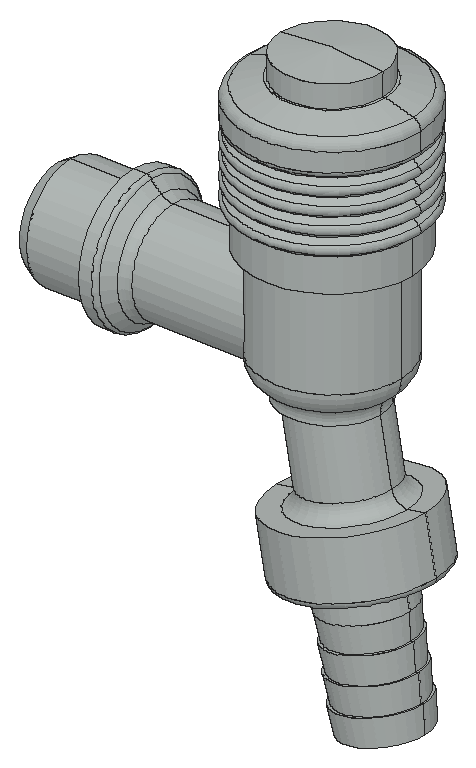
Revit family "QL20422102", category Apparecchi idraulici, Revit 2020
Family settings
  Quota connettore circolare = Usa diametro
  Tipo di parte = Normale
  Numero OmniClass = 23.45.00.00
  Titolo OmniClass = Sanitary, Laundry, and Cleaning Equipment
  Basato su piano di lavoro = No
  Sempre verticale = Sì
  Taglio con vuoti quando caricato = No
  Condiviso = No
  Punto di calcolo locali = No
Parameters
  URL = "https://web.cimberio.com/index.php/figura/1781?subcategoria_id=121"
  Temperatura di esercizio = "-10÷90°C"
  Prospetto di default = 0 mm
  Produttore = "CIMBERIO SPA"
  Pressione nominale = "PN 10"
  Modello = "Cim 42"
  Materiale = "Prodotto in lega di ottone conforme alla norma EN 12165-CW617N-DW"
  Descrizione = "Realizzato in ottemperanza ai requisiti gestionali della norma EN ISO 9001.\r\nUtilizzato per la regolazione della temperatura degli ambienti e comandare apparecchi degli impianti di riscaldamento e condizionamento."
  DN [instance] = 15 mm
  Commenti sul tipo = "Utilizzato per impianti idrici, applicazioni industriali ed agricole, in generale con ogni fluido non corrosivo.\r\nUtilizzato per impianti idrici, applicazioni industriali ed agricole, in generale con ogni fluido non corrosivo."
Reference planes
  plane 1 "Centro (Fronte/Retro)": y = 0
  plane 2: z = 0
  plane 3 "Centro (Sinistra/Destra)": x = 0
Forms (mm)
  Revolve 1, solid, material "Cim_Lega di ottone"
    sketch origin (0, 0, 0) x (1, 0, 0) y (0, 0, 1)
      loop
        arc (-10, 41.2) -> (-12.601, 40.54) -> (-15.159, 39.73) r 46
        arc (-15.159, 39.73) -> (-16.131, 39) -> (-16.5, 37.842) r 2
        line (-16.5, 37.842) -> (-16.5, 34.412)
        arc (-16.5, 34.412) -> (-16.397, 33.97) -> (-16.109, 33.619) r 1
        line (-16.109, 33.619) -> (-14.989, 32.76) -> (-16.109, 31.9)
        arc (-16.109, 31.9) -> (-16.5, 31.107) -> (-16.109, 30.314) r 1
        line (-16.109, 30.314) -> (-14.989, 29.454) -> (-16.109, 28.595)
        arc (-16.109, 28.595) -> (-16.5, 27.802) -> (-16.109, 27.008) r 1
        line (-16.109, 27.008) -> (-14.989, 26.149) -> (-16.109, 25.289)
        arc (-16.109, 25.289) -> (-16.5, 24.496) -> (-16.109, 23.703) r 1
        line (-16.109, 23.703) -> (-14.989, 22.843) -> (-16.109, 21.984)
        arc (-16.109, 21.984) -> (-16.5, 21.191) -> (-16.109, 20.397) r 1
        line (-16.109, 20.397) -> (-15, 19.547) -> (-15, 13.3) -> (0, 13.3) -> (0, 41.2) -> (-10, 41.2)
      axis (0, 41.2) -> (0, 13.3)
    angle from 0 to 360
  Revolve 2, solid, material "Cim_Lega di ottone"
    sketch origin (0, 0, 0) x (1, 0, 0) y (0, 0, 1)
      loop
        line (0, 41.2) -> (0, 46.249)
        arc (0, 46.249) -> (-4.774, 46.019) -> (-9.5, 45.308) r 47.415
        line (-9.5, 45.308) -> (-9.5, 41.2) -> (0, 41.2)
      axis (0, 46.249) -> (0, 41.2)
    angle from 0 to 360
  Revolve 3, solid, material "Cim_Lega di ottone filetto"
    sketch origin (0, 0, 0) x (1, 0, 0) y (0, 0, 1)
      loop
        line (-48.7, 10.35) -> (-51, 9.022) -> (-51, 7.506) -> (-37, 7.506) -> (-37, 10.35) -> (-48.7, 10.35)
      axis (-51, 0) -> (-37, 0)
    angle from 0 to 360
  Revolve 4, solid, material "Cim_Lega di ottone"
    sketch origin (0, 0, 0) x (1, 0, 0) y (0, 0, 1)
      loop
        line (-37, 7.5) -> (0, 7.5) -> (0, 9.5) -> (-29.757, 9.5)
        arc (-29.757, 9.5) -> (-30.905, 9.728) -> (-31.879, 10.379) r 3
        line (-31.879, 10.379) -> (-33.742, 12.242)
        arc (-33.742, 12.242) -> (-34.098, 12.659) -> (-34.624, 12.815) r 0.966
        line (-34.624, 12.815) -> (-37, 12.815) -> (-37, 7.5)
      axis (0, 0) -> (-37, 0)
    angle from 0 to 360
  Revolve 5, solid, material "Cim_Lega di ottone"
    sketch origin (0, 0, 0) x (1, 0, 0) y (0, 0, 1)
      loop
        line (0, 13.3) -> (0, -12.042) -> (9.118, -12.042)
        arc (9.118, -12.042) -> (9.347, -10.268) -> (10.545, -8.94) r 3
        arc (10.545, -8.94) -> (12.343, -7.113) -> (13, -4.636) r 5
        line (13, -4.636) -> (13, 13.3) -> (0, 13.3)
      axis (0, -12.042) -> (0, 13.3)
    angle from 0 to 360
  Revolve 6, solid, material "Cim_Lega di ottone"
    sketch origin (0, 0, 0) x (1, 0, 0) y (0, 0, 1)
      loop
        line (11.179, -23.731) -> (8.249, -7.114) -> (0.223, -8.529) -> (3.656, -28) -> (13.872, -26.198)
        arc (13.872, -26.198) -> (12.107, -25.421) -> (11.179, -23.731) r 3
      axis (3.656, -28) -> (0.223, -8.529)
    angle from 0 to 360
  Revolve 7, solid, material "Cim_Lega di ottone"
    sketch origin (0, 0, 0) x (1, 0, 0) y (0, 0, 1)
      loop
        arc (18.457, -37.074) -> (19.102, -36.663) -> (19.268, -35.916) r 1
        line (19.268, -35.916) -> (17.443, -25.568) -> (4.025, -27.934) -> (6.024, -39.266) -> (18.457, -37.074)
      axis (5.588, -39.343) -> (3.59, -28.011)
    angle from 0 to 360
  Revolve 8, solid, material "Cim_Lega di ottone"
    sketch origin (0, 0, 0) x (1, 0, 0) y (0, 0, 1)
      loop
        line (14.439, -43.084) -> (13.533, -37.942) -> (5.654, -39.332) -> (7.391, -49.18) -> (14.777, -47.877) -> (14.439, -43.084)
      axis (7.391, -49.18) -> (5.654, -39.332)
    angle from 0 to 360
  Revolve 9, solid, material "Cim_Lega di ottone"
    sketch origin (0, 0, 0) x (1, 0, 0) y (0, 0, 1)
      loop
        line (15.645, -52.801) -> (15.292, -47.786) -> (7.391, -49.18) -> (8.259, -54.104) -> (15.645, -52.801)
      axis (8.259, -54.104) -> (7.391, -49.18)
    angle from 0 to 360
  Revolve 10, solid, material "Cim_Lega di ottone"
    sketch origin (0.868, 0, -4.924) x (1, 0, 0) y (0, 0, 1)
      loop
        line (15.645, -52.801) -> (15.292, -47.786) -> (7.391, -49.18) -> (8.259, -54.104) -> (15.645, -52.801)
      axis (8.259, -54.104) -> (7.391, -49.18)
    angle from 0 to 360
  Revolve 11, solid, material "Cim_Lega di ottone"
    sketch origin (1.736, 0, -9.848) x (1, 0, 0) y (0, 0, 1)
      loop
        line (15.645, -52.801) -> (15.292, -47.786) -> (7.391, -49.18) -> (8.259, -54.104) -> (15.645, -52.801)
      axis (8.259, -54.104) -> (7.391, -49.18)
    angle from 0 to 360
Dimensions and locks
  aligned and locked: level to plane 2
Connectors
  piping at (-51, 0, 0), diameter 15, driven by "DN"
    settings: on Revolve 3, index 1, connector inside diameter 609.6 mm, connector length 0 mm, flow factor 0, pipe flow 0.0 L/s, pressure drop 0.0 Pa, fitting loss kfactor 0, connector angle 0.00°, fixture units 0, engagement length 0 mm, angle of deflection 0.00°, flow configuration 0, flow direction 0, fitting loss method 0, system type 7, joint type 0, gender type 0, connector reference index -1, connector utility 0, adjustable connector no, is connector primary yes, connector description ""
  piping at (9.995, 0, -63.952), diameter 15, driven by "DN"
    settings: on Revolve 11, index 2, connector inside diameter 609.6 mm, connector length 0 mm, flow factor 0, pipe flow 0.0 L/s, pressure drop 0.0 Pa, fitting loss kfactor 0, connector angle 0.00°, fixture units 0, engagement length 0 mm, angle of deflection 0.00°, flow configuration 0, flow direction 0, fitting loss method 0, system type 7, joint type 0, gender type 0, connector reference index -1, connector utility 0, adjustable connector no, is connector primary no, connector description ""
